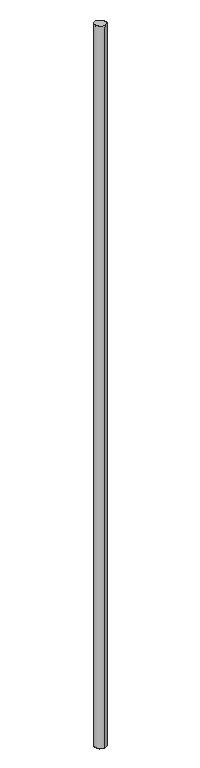
Revit family "M_Barras redondas-coluna", category Pilares estruturais, Revit 2019
Family settings
  Forma do corte = Barra redonda
  Material para o comportamento do modelo = Aço
  Exportar sempre como geometria = Não
  Redução da viga na planta = Da geometria
  Family Name Key = M_Round Bars-Column
  Número OmniClass = 23.25.30.11.14.11
  Título OmniClass = Columns
  ID de item do Seek = M_Round Bar-Column-0000-USA-ENU
  Corte com vazios quando carregada = Não
  Representação simbólica = Das configurações de projeto
  Compartilhado = Não
  Exibir o pré-corte da família na vista da planta = Sim
Parameters (values of type "RB38.1")
  Torsional Moment of Inertia = 0 cm⁴
  Torsional Modulus = 0.0 mm³
  Structural Material [instance] = Aço ASTM A36
  Chave do nome do corte = "RB 1 1/2"
  Section Area = 1140.1 mm²
  Plastic Modulus weak axis = 9218.0 mm³
  Plastic Modulus strong axis = 9218.0 mm³
  Perimeter = 0.3937 (stored number, unit not read)
  Nominal Weight = 0 N/m
  Moment of Inertia weak axis = 10.344 cm⁴
  Moment of Inertia strong axis = 10.344 cm⁴
  Elastic Modulus weak axis = 5430.0 mm³
  Elastic Modulus strong axis = 5430.0 mm³
  Diameter = 38.10 mm
  Centroid Vertical = Diameter / 2  # 19.05 mm
  Centroid Horizontal = Diameter / 2  # 19.05 mm
  Código de montagem = "B10"
Reference planes
  plane 1 "Centro (Frente/Trás)": y = 0
  plane 2: z = 0
  plane 3 "Centro (Esquerda/Direita)": x = 0
  plane 4: x = -19.05
  plane 5: x = 19.05
  plane 6: y = 19.05
  plane 7: y = -19.05
Forms (mm)
  Extrusion 1, solid, material "Aço ASTM A36" <- "Structural Material", detail levels medium+fine
    sketch origin (0, 0, 0) x (1, 0, 0) y (0, 1, 0)
      loop
        circle (0, 0) r 19.05
    from 0 to 2500
Lines and regions (mm)
  symbolic lines, style "StructuralColumnStickSymbols", detail levels coarse
    curve 1: arc (-19.05, 0, 0) -> (0, -19.05, 0) -> (19.05, 0, 0) r 19.05
    curve 2: arc (19.05, 0, 0) -> (0, 19.05, 0) -> (-19.05, 0, 0) r 19.05
Dimensions and locks
  equal spacing: plane 4, plane 3 "Centro (Esquerda/Direita)", plane 5
  equal spacing: plane 7, plane 1 "Centro (Frente/Trás)", plane 6
  "Diameter": plane 7 to plane 6
  "Diameter": plane 4 to plane 5
  "Diameter": diameter of Extrusion 1 sketch curve
  aligned and locked: level to plane 2
  aligned and locked: plane 3 "Centro (Esquerda/Direita)" to Extrusion 1 sketch curve
  aligned and locked: plane 1 "Centro (Frente/Trás)" to Extrusion 1 sketch curve
  aligned and locked: level to Extrusion 1
  aligned and locked: Extrusion 1 to plane 2
Automatic sketch dimensions
  plane 1 "Centro (Frente/Trás)" to curve 1 = 0.00 mm  (x2)
  curve 1 to plane 4 = 0.00 mm
  plane 1 "Centro (Frente/Trás)" to curve 2 = 0.00 mm
  curve 2 to plane 3 "Centro (Esquerda/Direita)" = 0.00 mm
Types in the file's own list only (191): name | Momento de inércia de torção | Módulo de torção | Chave do nome do corte | Área de corte | Eixo fraco do módulo plástico | Eixo forte do módulo plástico | Perímetro | Peso nominal | Eixo fraco do momento de inércia | Eixo forte do momento de inércia | Eixo fraco do módulo de elasticidade | Eixo forte do módulo de elasticidade | Diâmetro | Centróide vertical | Centróide horizontal
  RB25.4 | 0.00 mm4 | 0.0 mm³ | "RB 1" | 506.7 mm² | 2731.0 mm³ | 2731.0 mm³ | 0.08 m²/m | 0.00 kgf/m | 20432.00 mm4 | 20432.00 mm4 | 1609.0 mm³ | 1609.0 mm³ | 25.4 mm | 12.7 mm | 12.7 mm
  RB26.99 | 0.00 mm4 | 0.0 mm³ | "RB 1 1/16" | 572.0 mm² | 3276.0 mm³ | 3276.0 mm³ | 0.08 m²/m | 0.00 kgf/m | 26039.00 mm4 | 26039.00 mm4 | 1930.0 mm³ | 1930.0 mm³ | 27.0 mm | 13.5 mm | 13.5 mm
  RB31.75 | 0.00 mm4 | 0.0 mm³ | "RB 1 1/4" | 791.7 mm² | 5334.0 mm³ | 5334.0 mm³ | 0.10 m²/m | 0.00 kgf/m | 49882.00 mm4 | 49882.00 mm4 | 3142.0 mm³ | 3142.0 mm³ | 31.8 mm | 15.9 mm | 15.9 mm
  RB28.58 | 0.00 mm4 | 0.0 mm³ | "RB 1 1/8" | 641.3 mm² | 3889.0 mm³ | 3889.0 mm³ | 0.09 m²/m | 0.00 kgf/m | 32728.00 mm4 | 32728.00 mm4 | 2291.0 mm³ | 2291.0 mm³ | 28.6 mm | 14.3 mm | 14.3 mm
  RB42.86 | 0.00 mm4 | 0.0 mm³ | "RB 1 11/16" | 1442.9 mm² | 13124.0 mm³ | 13124.0 mm³ | 0.13 m²/m | 0.00 kgf/m | 165684.00 mm4 | 165684.00 mm4 | 7731.0 mm³ | 7731.0 mm³ | 42.9 mm | 21.4 mm | 21.4 mm
  RB46.04 | 0.00 mm4 | 0.0 mm³ | "RB 1 13/16" | 1664.6 mm² | 16262.0 mm³ | 16262.0 mm³ | 0.14 m²/m | 0.00 kgf/m | 220504.00 mm4 | 220504.00 mm4 | 9579.0 mm³ | 9579.0 mm³ | 46.0 mm | 23.0 mm | 23.0 mm
  RB49.21 | 0.00 mm4 | 0.0 mm³ | "RB 1 15/16" | 1902.1 mm² | 19864.0 mm³ | 19864.0 mm³ | 0.15 m²/m | 0.00 kgf/m | 287920.00 mm4 | 287920.00 mm4 | 11701.0 mm³ | 11701.0 mm³ | 49.2 mm | 24.6 mm | 24.6 mm
  RB30.16 | 0.00 mm4 | 0.0 mm³ | "RB 1 3/16" | 714.5 mm² | 4574.0 mm³ | 4574.0 mm³ | 0.09 m²/m | 0.00 kgf/m | 40629.00 mm4 | 40629.00 mm4 | 2694.0 mm³ | 2694.0 mm³ | 30.2 mm | 15.1 mm | 15.1 mm
  RB44.45 | 0.00 mm4 | 0.0 mm³ | "RB 1 3/4" | 1551.8 mm² | 14637.0 mm³ | 14637.0 mm³ | 0.14 m²/m | 0.00 kgf/m | 191627.00 mm4 | 191627.00 mm4 | 8622.0 mm³ | 8622.0 mm³ | 44.5 mm | 22.2 mm | 22.2 mm
  RB34.93 | 0.00 mm4 | 0.0 mm³ | "RB 1 3/8" | 958.0 mm² | 7100.0 mm³ | 7100.0 mm³ | 0.11 m²/m | 0.00 kgf/m | 73032.00 mm4 | 73032.00 mm4 | 4182.0 mm³ | 4182.0 mm³ | 34.9 mm | 17.5 mm | 17.5 mm
  RB33.34 | 0.00 mm4 | 0.0 mm³ | "RB 1 5/16" | 872.9 mm² | 6175.0 mm³ | 6175.0 mm³ | 0.10 m²/m | 0.00 kgf/m | 60632.00 mm4 | 60632.00 mm4 | 3637.0 mm³ | 3637.0 mm³ | 33.3 mm | 16.7 mm | 16.7 mm
  RB41.28 | 0.00 mm4 | 0.0 mm³ | "RB 1 5/8" | 1338.0 mm² | 11720.0 mm³ | 11720.0 mm³ | 0.13 m²/m | 0.00 kgf/m | 142468.00 mm4 | 142468.00 mm4 | 6903.0 mm³ | 6903.0 mm³ | 41.3 mm | 20.6 mm | 20.6 mm
  RB36.51 | 0.00 mm4 | 0.0 mm³ | "RB 1 7/16" | 1047.1 mm² | 8113.0 mm³ | 8113.0 mm³ | 0.11 m²/m | 0.00 kgf/m | 87244.00 mm4 | 87244.00 mm4 | 4779.0 mm³ | 4779.0 mm³ | 36.5 mm | 18.3 mm | 18.3 mm
  RB47.63 | 0.00 mm4 | 0.0 mm³ | "RB 1 7/8" | 1781.4 mm² | 18003.0 mm³ | 18003.0 mm³ | 0.15 m²/m | 0.00 kgf/m | 252528.00 mm4 | 252528.00 mm4 | 10605.0 mm³ | 10605.0 mm³ | 47.6 mm | 23.8 mm | 23.8 mm
  RB39.69 | 0.00 mm4 | 0.0 mm³ | "RB 1 9/16" | 1237.1 mm² | 10419.0 mm³ | 10419.0 mm³ | 0.12 m²/m | 0.00 kgf/m | 121782.00 mm4 | 121782.00 mm4 | 6137.0 mm³ | 6137.0 mm³ | 39.7 mm | 19.8 mm | 19.8 mm
  RB1.59 | 0.00 mm4 | 0.0 mm³ | "RB 1/16" | 2.0 mm² | 0.7 mm³ | 0.7 mm³ | 0.01 m²/m | 0.00 kgf/m | 0.30 mm4 | 0.30 mm4 | 0.4 mm³ | 0.4 mm³ | 1.6 mm | 0.8 mm | 0.8 mm
  RB12.7 | 0.00 mm4 | 0.0 mm³ | "RB 1/2" | 126.7 mm² | 341.0 mm³ | 341.0 mm³ | 0.04 m²/m | 0.00 kgf/m | 1277.00 mm4 | 1277.00 mm4 | 201.0 mm³ | 201.0 mm³ | 12.7 mm | 6.4 mm | 6.4 mm
  RB6.35 | 0.00 mm4 | 0.0 mm³ | "RB 1/4" | 31.7 mm² | 43.0 mm³ | 43.0 mm³ | 0.02 m²/m | 0.00 kgf/m | 80.00 mm4 | 80.00 mm4 | 25.0 mm³ | 25.0 mm³ | 6.4 mm | 3.2 mm | 3.2 mm
  RB3.18 | 0.00 mm4 | 0.0 mm³ | "RB 1/8" | 7.9 mm² | 5.0 mm³ | 5.0 mm³ | 0.01 m²/m | 0.00 kgf/m | 5.00 mm4 | 5.00 mm4 | 3.0 mm³ | 3.0 mm³ | 3.2 mm | 1.6 mm | 1.6 mm
  RB254 | 0.00 mm4 | 0.0 mm³ | "RB 10" | 50670.7 mm² | 2731177.0 mm³ | 2731177.0 mm³ | 0.80 m²/m | 0.00 kgf/m | 204317123.00 mm4 | 204317123.00 mm4 | 1608796.0 mm³ | 1608796.0 mm³ | 254.0 mm | 127.0 mm | 127.0 mm
  RB255.59 | 0.00 mm4 | 0.0 mm³ | "RB 10 1/16" | 51306.1 mm² | 2782708.0 mm³ | 2782708.0 mm³ | 0.80 m²/m | 0.00 kgf/m | 209473138.00 mm4 | 209473138.00 mm4 | 1639150.0 mm³ | 1639150.0 mm³ | 255.6 mm | 127.8 mm | 127.8 mm
  RB266.7 | 0.00 mm4 | 0.0 mm³ | "RB 10 1/2" | 55864.5 mm² | 3161679.0 mm³ | 3161679.0 mm³ | 0.84 m²/m | 0.00 kgf/m | 248348740.00 mm4 | 248348740.00 mm4 | 1862383.0 mm³ | 1862383.0 mm³ | 266.7 mm | 133.4 mm | 133.4 mm
  RB260.35 | 0.00 mm4 | 0.0 mm³ | "RB 10 1/4" | 53236.0 mm² | 2941179.0 mm³ | 2941179.0 mm³ | 0.82 m²/m | 0.00 kgf/m | 225527874.00 mm4 | 225527874.00 mm4 | 1732498.0 mm³ | 1732498.0 mm³ | 260.4 mm | 130.2 mm | 130.2 mm
  RB257.18 | 0.00 mm4 | 0.0 mm³ | "RB 10 1/8" | 51945.4 mm² | 2834882.0 mm³ | 2834882.0 mm³ | 0.81 m²/m | 0.00 kgf/m | 214726128.00 mm4 | 214726128.00 mm4 | 1669883.0 mm³ | 1669883.0 mm³ | 257.2 mm | 128.6 mm | 128.6 mm
  RB271.46 | 0.00 mm4 | 0.0 mm³ | "RB 10 11/16" | 57877.5 mm² | 3334097.0 mm³ | 3334097.0 mm³ | 0.85 m²/m | 0.00 kgf/m | 266568775.00 mm4 | 266568775.00 mm4 | 1963945.0 mm³ | 1963945.0 mm³ | 271.5 mm | 135.7 mm | 135.7 mm
  RB274.64 | 0.00 mm4 | 0.0 mm³ | "RB 10 13/16" | 59239.3 mm² | 3452457.0 mm³ | 3452457.0 mm³ | 0.86 m²/m | 0.00 kgf/m | 279260330.00 mm4 | 279260330.00 mm4 | 2033665.0 mm³ | 2033665.0 mm³ | 274.6 mm | 137.3 mm | 137.3 mm
  RB277.81 | 0.00 mm4 | 0.0 mm³ | "RB 10 15/16" | 60616.9 mm² | 3573585.0 mm³ | 3573585.0 mm³ | 0.87 m²/m | 0.00 kgf/m | 292399772.00 mm4 | 292399772.00 mm4 | 2105015.0 mm³ | 2105015.0 mm³ | 277.8 mm | 138.9 mm | 138.9 mm
  RB258.76 | 0.00 mm4 | 0.0 mm³ | "RB 10 3/16" | 52588.7 mm² | 2887705.0 mm³ | 2887705.0 mm³ | 0.81 m²/m | 0.00 kgf/m | 220077301.00 mm4 | 220077301.00 mm4 | 1700998.0 mm³ | 1700998.0 mm³ | 258.8 mm | 129.4 mm | 129.4 mm
  RB273.05 | 0.00 mm4 | 0.0 mm³ | "RB 10 3/4" | 58556.4 mm² | 3392933.0 mm³ | 3392933.0 mm³ | 0.86 m²/m | 0.00 kgf/m | 272859213.00 mm4 | 272859213.00 mm4 | 1998603.0 mm³ | 1998603.0 mm³ | 273.1 mm | 136.5 mm | 136.5 mm
  RB263.53 | 0.00 mm4 | 0.0 mm³ | "RB 10 3/8" | 54542.3 mm² | 3050101.0 mm³ | 3050101.0 mm³ | 0.83 m²/m | 0.00 kgf/m | 236732120.00 mm4 | 236732120.00 mm4 | 1796658.0 mm³ | 1796658.0 mm³ | 263.5 mm | 131.8 mm | 131.8 mm
  RB261.94 | 0.00 mm4 | 0.0 mm³ | "RB 10 5/16" | 53887.2 mm² | 2995310.0 mm³ | 2995310.0 mm³ | 0.82 m²/m | 0.00 kgf/m | 231079070.00 mm4 | 231079070.00 mm4 | 1764383.0 mm³ | 1764383.0 mm³ | 261.9 mm | 131.0 mm | 131.0 mm
  RB269.88 | 0.00 mm4 | 0.0 mm³ | "RB 10 5/8" | 57202.5 mm² | 3275946.0 mm³ | 3275946.0 mm³ | 0.85 m²/m | 0.00 kgf/m | 260387733.00 mm4 | 260387733.00 mm4 | 1929691.0 mm³ | 1929691.0 mm³ | 269.9 mm | 134.9 mm | 134.9 mm
  RB265.11 | 0.00 mm4 | 0.0 mm³ | "RB 10 7/16" | 55201.4 mm² | 3105556.0 mm³ | 3105556.0 mm³ | 0.83 m²/m | 0.00 kgf/m | 242488261.00 mm4 | 242488261.00 mm4 | 1829323.0 mm³ | 1829323.0 mm³ | 265.1 mm | 132.6 mm | 132.6 mm
  RB276.23 | 0.00 mm4 | 0.0 mm³ | "RB 10 7/8" | 59926.1 mm² | 3512673.0 mm³ | 3512673.0 mm³ | 0.87 m²/m | 0.00 kgf/m | 285773417.00 mm4 | 285773417.00 mm4 | 2069135.0 mm³ | 2069135.0 mm³ | 276.2 mm | 138.1 mm | 138.1 mm
  RB268.29 | 0.00 mm4 | 0.0 mm³ | "RB 10 9/16" | 56531.5 mm² | 3218474.0 mm³ | 3218474.0 mm³ | 0.84 m²/m | 0.00 kgf/m | 254314811.00 mm4 | 254314811.00 mm4 | 1895838.0 mm³ | 1895838.0 mm³ | 268.3 mm | 134.1 mm | 134.1 mm
  RB279.4 | 0.00 mm4 | 0.0 mm³ | "RB 11" | 61311.6 mm² | 3635197.0 mm³ | 3635197.0 mm³ | 0.88 m²/m | 0.00 kgf/m | 299140700.00 mm4 | 299140700.00 mm4 | 2141308.0 mm³ | 2141308.0 mm³ | 279.4 mm | 139.7 mm | 139.7 mm
  RB280.99 | 0.00 mm4 | 0.0 mm³ | "RB 11 1/16" | 62010.3 mm² | 3697513.0 mm³ | 3697513.0 mm³ | 0.88 m²/m | 0.00 kgf/m | 305997515.00 mm4 | 305997515.00 mm4 | 2178015.0 mm³ | 2178015.0 mm³ | 281.0 mm | 140.5 mm | 140.5 mm
  RB292.1 | 0.00 mm4 | 0.0 mm³ | "RB 11 1/2" | 67012.1 mm² | 4153779.0 mm³ | 4153779.0 mm³ | 0.92 m²/m | 0.00 kgf/m | 357351926.00 mm4 | 357351926.00 mm4 | 2446778.0 mm³ | 2446778.0 mm³ | 292.1 mm | 146.1 mm | 146.1 mm
  RB285.75 | 0.00 mm4 | 0.0 mm³ | "RB 11 1/4" | 64130.2 mm² | 3888727.0 mm³ | 3888727.0 mm³ | 0.90 m²/m | 0.00 kgf/m | 327276525.00 mm4 | 327276525.00 mm4 | 2290649.0 mm³ | 2290649.0 mm³ | 285.8 mm | 142.9 mm | 142.9 mm
  RB282.58 | 0.00 mm4 | 0.0 mm³ | "RB 11 1/8" | 62713.0 mm² | 3760538.0 mm³ | 3760538.0 mm³ | 0.89 m²/m | 0.00 kgf/m | 312971538.00 mm4 | 312971538.00 mm4 | 2215140.0 mm³ | 2215140.0 mm³ | 282.6 mm | 141.3 mm | 141.3 mm
  RB296.86 | 0.00 mm4 | 0.0 mm³ | "RB 11 11/16" | 69215.1 mm² | 4360284.0 mm³ | 4360284.0 mm³ | 0.93 m²/m | 0.00 kgf/m | 381233679.00 mm4 | 381233679.00 mm4 | 2568419.0 mm³ | 2568419.0 mm³ | 296.9 mm | 148.4 mm | 148.4 mm
  RB300.04 | 0.00 mm4 | 0.0 mm³ | "RB 11 13/16" | 70703.5 mm² | 4501688.0 mm³ | 4501688.0 mm³ | 0.94 m²/m | 0.00 kgf/m | 397806661.00 mm4 | 397806661.00 mm4 | 2651713.0 mm³ | 2651713.0 mm³ | 300.0 mm | 150.0 mm | 150.0 mm
  RB303.21 | 0.00 mm4 | 0.0 mm³ | "RB 11 15/16" | 72207.8 mm² | 4646116.0 mm³ | 4646116.0 mm³ | 0.95 m²/m | 0.00 kgf/m | 414914205.00 mm4 | 414914205.00 mm4 | 2736788.0 mm³ | 2736788.0 mm³ | 303.2 mm | 151.6 mm | 151.6 mm
  RB284.16 | 0.00 mm4 | 0.0 mm³ | "RB 11 3/16" | 63419.6 mm² | 3824274.0 mm³ | 3824274.0 mm³ | 0.89 m²/m | 0.00 kgf/m | 320064096.00 mm4 | 320064096.00 mm4 | 2252684.0 mm³ | 2252684.0 mm³ | 284.2 mm | 142.1 mm | 142.1 mm
  RB298.45 | 0.00 mm4 | 0.0 mm³ | "RB 11 3/4" | 69957.3 mm² | 4430610.0 mm³ | 4430610.0 mm³ | 0.94 m²/m | 0.00 kgf/m | 389454056.00 mm4 | 389454056.00 mm4 | 2609845.0 mm³ | 2609845.0 mm³ | 298.5 mm | 149.2 mm | 149.2 mm
  RB288.93 | 0.00 mm4 | 0.0 mm³ | "RB 11 3/8" | 65563.2 mm² | 4019797.0 mm³ | 4019797.0 mm³ | 0.91 m²/m | 0.00 kgf/m | 342066376.00 mm4 | 342066376.00 mm4 | 2367856.0 mm³ | 2367856.0 mm³ | 288.9 mm | 144.5 mm | 144.5 mm
  RB287.34 | 0.00 mm4 | 0.0 mm³ | "RB 11 5/16" | 64844.7 mm² | 3953900.0 mm³ | 3953900.0 mm³ | 0.90 m²/m | 0.00 kgf/m | 334610168.00 mm4 | 334610168.00 mm4 | 2329039.0 mm³ | 2329039.0 mm³ | 287.3 mm | 143.7 mm | 143.7 mm
  RB295.28 | 0.00 mm4 | 0.0 mm³ | "RB 11 5/8" | 68476.8 mm² | 4290706.0 mm³ | 4290706.0 mm³ | 0.93 m²/m | 0.00 kgf/m | 373144128.00 mm4 | 373144128.00 mm4 | 2527435.0 mm³ | 2527435.0 mm³ | 295.3 mm | 147.6 mm | 147.6 mm
  RB290.51 | 0.00 mm4 | 0.0 mm³ | "RB 11 7/16" | 66285.7 mm² | 4086422.0 mm³ | 4086422.0 mm³ | 0.91 m²/m | 0.00 kgf/m | 349646507.00 mm4 | 349646507.00 mm4 | 2407101.0 mm³ | 2407101.0 mm³ | 290.5 mm | 145.3 mm | 145.3 mm
  RB301.63 | 0.00 mm4 | 0.0 mm³ | "RB 11 7/8" | 71453.7 mm² | 4573522.0 mm³ | 4573522.0 mm³ | 0.95 m²/m | 0.00 kgf/m | 406292905.00 mm4 | 406292905.00 mm4 | 2694027.0 mm³ | 2694027.0 mm³ | 301.6 mm | 150.8 mm | 150.8 mm
  RB293.69 | 0.00 mm4 | 0.0 mm³ | "RB 11 9/16" | 67742.4 mm² | 4221873.0 mm³ | 4221873.0 mm³ | 0.92 m²/m | 0.00 kgf/m | 365184006.00 mm4 | 365184006.00 mm4 | 2486888.0 mm³ | 2486888.0 mm³ | 293.7 mm | 146.8 mm | 146.8 mm
  RB17.46 | 0.00 mm4 | 0.0 mm³ | "RB 11/16" | 239.5 mm² | 887.0 mm³ | 887.0 mm³ | 0.05 m²/m | 0.00 kgf/m | 4565.00 mm4 | 4565.00 mm4 | 523.0 mm³ | 523.0 mm³ | 17.5 mm | 8.7 mm | 8.7 mm
  RB304.8 | 0.00 mm4 | 0.0 mm³ | "RB 12" | 72965.9 mm² | 4719474.0 mm³ | 4719474.0 mm³ | 0.96 m²/m | 0.00 kgf/m | 423671987.00 mm4 | 423671987.00 mm4 | 2780000.0 mm³ | 2780000.0 mm³ | 304.8 mm | 152.4 mm | 152.4 mm
  RB20.64 | 0.00 mm4 | 0.0 mm³ | "RB 13/16" | 334.5 mm² | 1465.0 mm³ | 1465.0 mm³ | 0.06 m²/m | 0.00 kgf/m | 8904.00 mm4 | 8904.00 mm4 | 863.0 mm³ | 863.0 mm³ | 20.6 mm | 10.3 mm | 10.3 mm
  RB23.81 | 0.00 mm4 | 0.0 mm³ | "RB 15/16" | 445.3 mm² | 2250.0 mm³ | 2250.0 mm³ | 0.07 m²/m | 0.00 kgf/m | 15783.00 mm4 | 15783.00 mm4 | 1326.0 mm³ | 1326.0 mm³ | 23.8 mm | 11.9 mm | 11.9 mm
  RB50.8 | 0.00 mm4 | 0.0 mm³ | "RB 2" | 2026.8 mm² | 21849.0 mm³ | 21849.0 mm³ | 0.16 m²/m | 0.00 kgf/m | 326907.00 mm4 | 326907.00 mm4 | 12870.0 mm³ | 12870.0 mm³ | 50.8 mm | 25.4 mm | 25.4 mm
  RB52.39 | 0.00 mm4 | 0.0 mm³ | "RB 2 1/16" | 2155.5 mm² | 23962.0 mm³ | 23962.0 mm³ | 0.16 m²/m | 0.00 kgf/m | 369727.00 mm4 | 369727.00 mm4 | 14115.0 mm³ | 14115.0 mm³ | 52.4 mm | 26.2 mm | 26.2 mm
  RB63.5 | 0.00 mm4 | 0.0 mm³ | "RB 2 1/2" | 3166.9 mm² | 42675.0 mm³ | 42675.0 mm³ | 0.20 m²/m | 0.00 kgf/m | 798114.00 mm4 | 798114.00 mm4 | 25137.0 mm³ | 25137.0 mm³ | 63.5 mm | 31.8 mm | 31.8 mm
  RB57.15 | 0.00 mm4 | 0.0 mm³ | "RB 2 1/4" | 2565.2 mm² | 31110.0 mm³ | 31110.0 mm³ | 0.18 m²/m | 0.00 kgf/m | 523642.00 mm4 | 523642.00 mm4 | 18325.0 mm³ | 18325.0 mm³ | 57.2 mm | 28.6 mm | 28.6 mm
  RB53.98 | 0.00 mm4 | 0.0 mm³ | "RB 2 1/8" | 2288.1 mm² | 26208.0 mm³ | 26208.0 mm³ | 0.17 m²/m | 0.00 kgf/m | 416620.00 mm4 | 416620.00 mm4 | 15438.0 mm³ | 15438.0 mm³ | 54.0 mm | 27.0 mm | 27.0 mm
  RB68.26 | 0.00 mm4 | 0.0 mm³ | "RB 2 11/16" | 3659.8 mm² | 53015.0 mm³ | 53015.0 mm³ | 0.21 m²/m | 0.00 kgf/m | 1065856.00 mm4 | 1065856.00 mm4 | 31228.0 mm³ | 31228.0 mm³ | 68.3 mm | 34.1 mm | 34.1 mm
  RB71.44 | 0.00 mm4 | 0.0 mm³ | "RB 2 13/16" | 4008.1 mm² | 60761.0 mm³ | 60761.0 mm³ | 0.22 m²/m | 0.00 kgf/m | 1278424.00 mm4 | 1278424.00 mm4 | 35791.0 mm³ | 35791.0 mm³ | 71.4 mm | 35.7 mm | 35.7 mm
  RB74.61 | 0.00 mm4 | 0.0 mm³ | "RB 2 15/16" | 4372.3 mm² | 69228.0 mm³ | 69228.0 mm³ | 0.23 m²/m | 0.00 kgf/m | 1521305.00 mm4 | 1521305.00 mm4 | 40779.0 mm³ | 40779.0 mm³ | 74.6 mm | 37.3 mm | 37.3 mm
  RB55.56 | 0.00 mm4 | 0.0 mm³ | "RB 2 3/16" | 2424.7 mm² | 28589.0 mm³ | 28589.0 mm³ | 0.17 m²/m | 0.00 kgf/m | 467840.00 mm4 | 467840.00 mm4 | 16840.0 mm³ | 16840.0 mm³ | 55.6 mm | 27.8 mm | 27.8 mm
  RB69.85 | 0.00 mm4 | 0.0 mm³ | "RB 2 3/4" | 3832.0 mm² | 56800.0 mm³ | 56800.0 mm³ | 0.22 m²/m | 0.00 kgf/m | 1168518.00 mm4 | 1168518.00 mm4 | 33458.0 mm³ | 33458.0 mm³ | 69.9 mm | 34.9 mm | 34.9 mm
  RB60.33 | 0.00 mm4 | 0.0 mm³ | "RB 2 3/8" | 2858.1 mm² | 36588.0 mm³ | 36588.0 mm³ | 0.19 m²/m | 0.00 kgf/m | 650069.00 mm4 | 650069.00 mm4 | 21552.0 mm³ | 21552.0 mm³ | 60.3 mm | 30.2 mm | 30.2 mm
  RB58.74 | 0.00 mm4 | 0.0 mm³ | "RB 2 5/16" | 2709.7 mm² | 33775.0 mm³ | 33775.0 mm³ | 0.18 m²/m | 0.00 kgf/m | 584294.00 mm4 | 584294.00 mm4 | 19895.0 mm³ | 19895.0 mm³ | 58.7 mm | 29.4 mm | 29.4 mm
  RB66.68 | 0.00 mm4 | 0.0 mm³ | "RB 2 5/8" | 3491.5 mm² | 49401.0 mm³ | 49401.0 mm³ | 0.21 m²/m | 0.00 kgf/m | 970112.00 mm4 | 970112.00 mm4 | 29100.0 mm³ | 29100.0 mm³ | 66.7 mm | 33.3 mm | 33.3 mm
  RB61.91 | 0.00 mm4 | 0.0 mm³ | "RB 2 7/16" | 3010.6 mm² | 39553.0 mm³ | 39553.0 mm³ | 0.19 m²/m | 0.00 kgf/m | 721246.00 mm4 | 721246.00 mm4 | 23299.0 mm³ | 23299.0 mm³ | 61.9 mm | 31.0 mm | 31.0 mm
  RB73.03 | 0.00 mm4 | 0.0 mm³ | "RB 2 7/8" | 4188.3 mm² | 64903.0 mm³ | 64903.0 mm³ | 0.23 m²/m | 0.00 kgf/m | 1395906.00 mm4 | 1395906.00 mm4 | 38231.0 mm³ | 38231.0 mm³ | 73.0 mm | 36.5 mm | 36.5 mm
  RB65.09 | 0.00 mm4 | 0.0 mm³ | "RB 2 9/16" | 3327.2 mm² | 45956.0 mm³ | 45956.0 mm³ | 0.20 m²/m | 0.00 kgf/m | 880968.00 mm4 | 880968.00 mm4 | 27070.0 mm³ | 27070.0 mm³ | 65.1 mm | 32.5 mm | 32.5 mm
  RB76.2 | 0.00 mm4 | 0.0 mm³ | "RB 3" | 4560.4 mm² | 73742.0 mm³ | 73742.0 mm³ | 0.24 m²/m | 0.00 kgf/m | 1654969.00 mm4 | 1654969.00 mm4 | 43437.0 mm³ | 43437.0 mm³ | 76.2 mm | 38.1 mm | 38.1 mm
  RB77.79 | 0.00 mm4 | 0.0 mm³ | "RB 3 1/16" | 4752.4 mm² | 78447.0 mm³ | 78447.0 mm³ | 0.24 m²/m | 0.00 kgf/m | 1797253.00 mm4 | 1797253.00 mm4 | 46209.0 mm³ | 46209.0 mm³ | 77.8 mm | 38.9 mm | 38.9 mm
  RB88.9 | 0.00 mm4 | 0.0 mm³ | "RB 3 1/2" | 6207.2 mm² | 117099.0 mm³ | 117099.0 mm³ | 0.28 m²/m | 0.00 kgf/m | 3066034.00 mm4 | 3066034.00 mm4 | 68977.0 mm³ | 68977.0 mm³ | 88.9 mm | 44.5 mm | 44.5 mm
  RB82.55 | 0.00 mm4 | 0.0 mm³ | "RB 3 1/4" | 5352.1 mm² | 93756.0 mm³ | 93756.0 mm³ | 0.26 m²/m | 0.00 kgf/m | 2279493.00 mm4 | 2279493.00 mm4 | 55227.0 mm³ | 55227.0 mm³ | 82.6 mm | 41.3 mm | 41.3 mm
  RB79.38 | 0.00 mm4 | 0.0 mm³ | "RB 3 1/8" | 4948.3 mm² | 83349.0 mm³ | 83349.0 mm³ | 0.25 m²/m | 0.00 kgf/m | 1948520.00 mm4 | 1948520.00 mm4 | 49097.0 mm³ | 49097.0 mm³ | 79.4 mm | 39.7 mm | 39.7 mm
  RB93.66 | 0.00 mm4 | 0.0 mm³ | "RB 3 11/16" | 6890.0 mm² | 136945.0 mm³ | 136945.0 mm³ | 0.29 m²/m | 0.00 kgf/m | 3777747.00 mm4 | 3777747.00 mm4 | 80667.0 mm³ | 80667.0 mm³ | 93.7 mm | 46.8 mm | 46.8 mm
  RB96.84 | 0.00 mm4 | 0.0 mm³ | "RB 3 13/16" | 7365.1 mm² | 151349.0 mm³ | 151349.0 mm³ | 0.30 m²/m | 0.00 kgf/m | 4316624.00 mm4 | 4316624.00 mm4 | 89152.0 mm³ | 89152.0 mm³ | 96.8 mm | 48.4 mm | 48.4 mm
  RB100.01 | 0.00 mm4 | 0.0 mm³ | "RB 3 15/16" | 7855.9 mm² | 166729.0 mm³ | 166729.0 mm³ | 0.31 m²/m | 0.00 kgf/m | 4911193.00 mm4 | 4911193.00 mm4 | 98212.0 mm³ | 98212.0 mm³ | 100.0 mm | 50.0 mm | 50.0 mm
  RB80.96 | 0.00 mm4 | 0.0 mm³ | "RB 3 3/16" | 5148.2 mm² | 88451.0 mm³ | 88451.0 mm³ | 0.25 m²/m | 0.00 kgf/m | 2109141.00 mm4 | 2109141.00 mm4 | 52102.0 mm³ | 52102.0 mm³ | 81.0 mm | 40.5 mm | 40.5 mm
  RB95.25 | 0.00 mm4 | 0.0 mm³ | "RB 3 3/4" | 7125.6 mm² | 144027.0 mm³ | 144027.0 mm³ | 0.30 m²/m | 0.00 kgf/m | 4040451.00 mm4 | 4040451.00 mm4 | 84839.0 mm³ | 84839.0 mm³ | 95.3 mm | 47.6 mm | 47.6 mm
  RB85.73 | 0.00 mm4 | 0.0 mm³ | "RB 3 3/8" | 5771.7 mm² | 104996.0 mm³ | 104996.0 mm³ | 0.27 m²/m | 0.00 kgf/m | 2650940.00 mm4 | 2650940.00 mm4 | 61848.0 mm³ | 61848.0 mm³ | 85.7 mm | 42.9 mm | 42.9 mm
  RB84.14 | 0.00 mm4 | 0.0 mm³ | "RB 3 5/16" | 5559.9 mm² | 99270.0 mm³ | 99270.0 mm³ | 0.26 m²/m | 0.00 kgf/m | 2459962.00 mm4 | 2459962.00 mm4 | 58475.0 mm³ | 58475.0 mm³ | 84.1 mm | 42.1 mm | 42.1 mm
  RB92.08 | 0.00 mm4 | 0.0 mm³ | "RB 3 5/8" | 6658.5 mm² | 130099.0 mm³ | 130099.0 mm³ | 0.29 m²/m | 0.00 kgf/m | 3528067.00 mm4 | 3528067.00 mm4 | 76635.0 mm³ | 76635.0 mm³ | 92.1 mm | 46.0 mm | 46.0 mm
  RB87.31 | 0.00 mm4 | 0.0 mm³ | "RB 3 7/16" | 5987.5 mm² | 110937.0 mm³ | 110937.0 mm³ | 0.27 m²/m | 0.00 kgf/m | 2852828.00 mm4 | 2852828.00 mm4 | 65348.0 mm³ | 65348.0 mm³ | 87.3 mm | 43.7 mm | 43.7 mm
  RB98.43 | 0.00 mm4 | 0.0 mm³ | "RB 3 7/8" | 7608.5 mm² | 158915.0 mm³ | 158915.0 mm³ | 0.31 m²/m | 0.00 kgf/m | 4606718.00 mm4 | 4606718.00 mm4 | 93609.0 mm³ | 93609.0 mm³ | 98.4 mm | 49.2 mm | 49.2 mm
  RB90.49 | 0.00 mm4 | 0.0 mm³ | "RB 3 9/16" | 6430.8 mm² | 123485.0 mm³ | 123485.0 mm³ | 0.28 m²/m | 0.00 kgf/m | 3290973.00 mm4 | 3290973.00 mm4 | 72739.0 mm³ | 72739.0 mm³ | 90.5 mm | 45.2 mm | 45.2 mm
  RB4.76 | 0.00 mm4 | 0.0 mm³ | "RB 3/16" | 17.8 mm² | 18.0 mm³ | 18.0 mm³ | 0.02 m²/m | 0.00 kgf/m | 25.00 mm4 | 25.00 mm4 | 11.0 mm³ | 11.0 mm³ | 4.8 mm | 2.4 mm | 2.4 mm
  RB19.05 | 0.00 mm4 | 0.0 mm³ | "RB 3/4" | 285.0 mm² | 1152.0 mm³ | 1152.0 mm³ | 0.06 m²/m | 0.00 kgf/m | 6465.00 mm4 | 6465.00 mm4 | 679.0 mm³ | 679.0 mm³ | 19.1 mm | 9.5 mm | 9.5 mm
  RB9.53 | 0.00 mm4 | 0.0 mm³ | "RB 3/8" | 71.3 mm² | 144.0 mm³ | 144.0 mm³ | 0.03 m²/m | 0.00 kgf/m | 404.00 mm4 | 404.00 mm4 | 85.0 mm³ | 85.0 mm³ | 9.5 mm | 4.8 mm | 4.8 mm
  RB101.6 | 0.00 mm4 | 0.0 mm³ | "RB 4" | 8107.3 mm² | 174795.0 mm³ | 174795.0 mm³ | 0.32 m²/m | 0.00 kgf/m | 5230518.00 mm4 | 5230518.00 mm4 | 102963.0 mm³ | 102963.0 mm³ | 101.6 mm | 50.8 mm | 50.8 mm
  RB103.19 | 0.00 mm4 | 0.0 mm³ | "RB 4 1/16" | 8362.7 mm² | 183118.0 mm³ | 183118.0 mm³ | 0.32 m²/m | 0.00 kgf/m | 5565168.00 mm4 | 5565168.00 mm4 | 107865.0 mm³ | 107865.0 mm³ | 103.2 mm | 51.6 mm | 51.6 mm
  RB114.3 | 0.00 mm4 | 0.0 mm³ | "RB 4 1/2" | 10260.8 mm² | 248879.0 mm³ | 248879.0 mm³ | 0.36 m²/m | 0.00 kgf/m | 8378279.00 mm4 | 8378279.00 mm4 | 146602.0 mm³ | 146602.0 mm³ | 114.3 mm | 57.2 mm | 57.2 mm
  RB107.95 | 0.00 mm4 | 0.0 mm³ | "RB 4 1/4" | 9152.4 mm² | 209661.0 mm³ | 209661.0 mm³ | 0.34 m²/m | 0.00 kgf/m | 6665926.00 mm4 | 6665926.00 mm4 | 123500.0 mm³ | 123500.0 mm³ | 108.0 mm | 54.0 mm | 54.0 mm
  RB104.78 | 0.00 mm4 | 0.0 mm³ | "RB 4 1/8" | 8621.9 mm² | 191700.0 mm³ | 191700.0 mm³ | 0.33 m²/m | 0.00 kgf/m | 5915624.00 mm4 | 5915624.00 mm4 | 112921.0 mm³ | 112921.0 mm³ | 104.8 mm | 52.4 mm | 52.4 mm
  RB119.06 | 0.00 mm4 | 0.0 mm³ | "RB 4 11/16" | 11133.7 mm² | 281303.0 mm³ | 281303.0 mm³ | 0.37 m²/m | 0.00 kgf/m | 9864382.00 mm4 | 9864382.00 mm4 | 165701.0 mm³ | 165701.0 mm³ | 119.1 mm | 59.5 mm | 59.5 mm
  RB122.24 | 0.00 mm4 | 0.0 mm³ | "RB 4 13/16" | 11735.4 mm² | 304412.0 mm³ | 304412.0 mm³ | 0.38 m²/m | 0.00 kgf/m | 10959424.00 mm4 | 10959424.00 mm4 | 179314.0 mm³ | 179314.0 mm³ | 122.2 mm | 61.1 mm | 61.1 mm
  RB125.41 | 0.00 mm4 | 0.0 mm³ | "RB 4 15/16" | 12353.0 mm² | 328754.0 mm³ | 328754.0 mm³ | 0.39 m²/m | 0.00 kgf/m | 12143201.00 mm4 | 12143201.00 mm4 | 193652.0 mm³ | 193652.0 mm³ | 125.4 mm | 62.7 mm | 62.7 mm
  RB106.36 | 0.00 mm4 | 0.0 mm³ | "RB 4 3/16" | 8885.2 mm² | 200546.0 mm³ | 200546.0 mm³ | 0.33 m²/m | 0.00 kgf/m | 6282378.00 mm4 | 6282378.00 mm4 | 118131.0 mm³ | 118131.0 mm³ | 106.4 mm | 53.2 mm | 53.2 mm
  RB120.65 | 0.00 mm4 | 0.0 mm³ | "RB 4 3/4" | 11432.6 mm² | 292705.0 mm³ | 292705.0 mm³ | 0.38 m²/m | 0.00 kgf/m | 10401098.00 mm4 | 10401098.00 mm4 | 172418.0 mm³ | 172418.0 mm³ | 120.7 mm | 60.3 mm | 60.3 mm
  RB111.13 | 0.00 mm4 | 0.0 mm³ | "RB 4 3/8" | 9698.7 mm² | 228709.0 mm³ | 228709.0 mm³ | 0.35 m²/m | 0.00 kgf/m | 7485434.00 mm4 | 7485434.00 mm4 | 134721.0 mm³ | 134721.0 mm³ | 111.1 mm | 55.6 mm | 55.6 mm
  RB109.54 | 0.00 mm4 | 0.0 mm³ | "RB 4 5/16" | 9423.6 mm² | 219047.0 mm³ | 219047.0 mm³ | 0.34 m²/m | 0.00 kgf/m | 7066774.00 mm4 | 7066774.00 mm4 | 129029.0 mm³ | 129029.0 mm³ | 109.5 mm | 54.8 mm | 54.8 mm
  RB117.48 | 0.00 mm4 | 0.0 mm³ | "RB 4 5/8" | 10838.8 mm² | 270200.0 mm³ | 270200.0 mm³ | 0.37 m²/m | 0.00 kgf/m | 9348711.00 mm4 | 9348711.00 mm4 | 159161.0 mm³ | 159161.0 mm³ | 117.5 mm | 58.7 mm | 58.7 mm
  RB112.71 | 0.00 mm4 | 0.0 mm³ | "RB 4 7/16" | 9977.8 mm² | 238652.0 mm³ | 238652.0 mm³ | 0.35 m²/m | 0.00 kgf/m | 7922427.00 mm4 | 7922427.00 mm4 | 140578.0 mm³ | 140578.0 mm³ | 112.7 mm | 56.4 mm | 56.4 mm
  RB123.83 | 0.00 mm4 | 0.0 mm³ | "RB 4 7/8" | 12042.2 mm² | 316427.0 mm³ | 316427.0 mm³ | 0.39 m²/m | 0.00 kgf/m | 11539932.00 mm4 | 11539932.00 mm4 | 186391.0 mm³ | 186391.0 mm³ | 123.8 mm | 61.9 mm | 61.9 mm
  RB115.89 | 0.00 mm4 | 0.0 mm³ | "RB 4 9/16" | 10547.8 mm² | 259393.0 mm³ | 259393.0 mm³ | 0.36 m²/m | 0.00 kgf/m | 8853526.00 mm4 | 8853526.00 mm4 | 152795.0 mm³ | 152795.0 mm³ | 115.9 mm | 57.9 mm | 57.9 mm
  RB127 | 0.00 mm4 | 0.0 mm³ | "RB 5" | 12667.7 mm² | 341397.0 mm³ | 341397.0 mm³ | 0.40 m²/m | 0.00 kgf/m | 12769820.00 mm4 | 12769820.00 mm4 | 201100.0 mm³ | 201100.0 mm³ | 127.0 mm | 63.5 mm | 63.5 mm
  RB128.59 | 0.00 mm4 | 0.0 mm³ | "RB 5 1/16" | 12986.4 mm² | 354360.0 mm³ | 354360.0 mm³ | 0.40 m²/m | 0.00 kgf/m | 13420383.00 mm4 | 13420383.00 mm4 | 208735.0 mm³ | 208735.0 mm³ | 128.6 mm | 64.3 mm | 64.3 mm
  RB139.7 | 0.00 mm4 | 0.0 mm³ | "RB 5 1/2" | 15327.9 mm² | 454400.0 mm³ | 454400.0 mm³ | 0.44 m²/m | 0.00 kgf/m | 18696294.00 mm4 | 18696294.00 mm4 | 267663.0 mm³ | 267663.0 mm³ | 139.7 mm | 69.9 mm | 69.9 mm
  RB133.35 | 0.00 mm4 | 0.0 mm³ | "RB 5 1/4" | 13966.1 mm² | 395210.0 mm³ | 395210.0 mm³ | 0.42 m²/m | 0.00 kgf/m | 15521796.00 mm4 | 15521796.00 mm4 | 232798.0 mm³ | 232798.0 mm³ | 133.4 mm | 66.7 mm | 66.7 mm
  RB130.18 | 0.00 mm4 | 0.0 mm³ | "RB 5 1/8" | 13309.0 mm² | 367647.0 mm³ | 367647.0 mm³ | 0.41 m²/m | 0.00 kgf/m | 14095492.00 mm4 | 14095492.00 mm4 | 216562.0 mm³ | 216562.0 mm³ | 130.2 mm | 65.1 mm | 65.1 mm
  RB144.46 | 0.00 mm4 | 0.0 mm³ | "RB 5 11/16" | 16390.8 mm² | 502475.0 mm³ | 502475.0 mm³ | 0.45 m²/m | 0.00 kgf/m | 21379148.00 mm4 | 21379148.00 mm4 | 295982.0 mm³ | 295982.0 mm³ | 144.5 mm | 72.2 mm | 72.2 mm
  RB147.64 | 0.00 mm4 | 0.0 mm³ | "RB 5 13/16" | 17119.2 mm² | 536338.0 mm³ | 536338.0 mm³ | 0.46 m²/m | 0.00 kgf/m | 23321508.00 mm4 | 23321508.00 mm4 | 315929.0 mm³ | 315929.0 mm³ | 147.6 mm | 73.8 mm | 73.8 mm
  RB150.81 | 0.00 mm4 | 0.0 mm³ | "RB 5 15/16" | 17863.4 mm² | 571690.0 mm³ | 571690.0 mm³ | 0.47 m²/m | 0.00 kgf/m | 25393307.00 mm4 | 25393307.00 mm4 | 336753.0 mm³ | 336753.0 mm³ | 150.8 mm | 75.4 mm | 75.4 mm
  RB131.76 | 0.00 mm4 | 0.0 mm³ | "RB 5 3/16" | 13635.6 mm² | 381263.0 mm³ | 381263.0 mm³ | 0.41 m²/m | 0.00 kgf/m | 14795757.00 mm4 | 14795757.00 mm4 | 224582.0 mm³ | 224582.0 mm³ | 131.8 mm | 65.9 mm | 65.9 mm
  RB146.05 | 0.00 mm4 | 0.0 mm³ | "RB 5 3/4" | 16753.0 mm² | 519222.0 mm³ | 519222.0 mm³ | 0.46 m²/m | 0.00 kgf/m | 22334495.00 mm4 | 22334495.00 mm4 | 305847.0 mm³ | 305847.0 mm³ | 146.1 mm | 73.0 mm | 73.0 mm
  RB136.53 | 0.00 mm4 | 0.0 mm³ | "RB 5 3/8" | 14639.1 mm² | 424117.0 mm³ | 424117.0 mm³ | 0.43 m²/m | 0.00 kgf/m | 17053701.00 mm4 | 17053701.00 mm4 | 249825.0 mm³ | 249825.0 mm³ | 136.5 mm | 68.3 mm | 68.3 mm
  RB134.94 | 0.00 mm4 | 0.0 mm³ | "RB 5 5/16" | 14300.6 mm² | 409493.0 mm³ | 409493.0 mm³ | 0.42 m²/m | 0.00 kgf/m | 16274233.00 mm4 | 16274233.00 mm4 | 241211.0 mm³ | 241211.0 mm³ | 134.9 mm | 67.5 mm | 67.5 mm
  RB142.88 | 0.00 mm4 | 0.0 mm³ | "RB 5 5/8" | 16032.5 mm² | 486091.0 mm³ | 486091.0 mm³ | 0.45 m²/m | 0.00 kgf/m | 20454783.00 mm4 | 20454783.00 mm4 | 286331.0 mm³ | 286331.0 mm³ | 142.9 mm | 71.4 mm | 71.4 mm
  RB138.11 | 0.00 mm4 | 0.0 mm³ | "RB 5 7/16" | 14981.5 mm² | 439084.0 mm³ | 439084.0 mm³ | 0.43 m²/m | 0.00 kgf/m | 17860839.00 mm4 | 17860839.00 mm4 | 258642.0 mm³ | 258642.0 mm³ | 138.1 mm | 69.1 mm | 69.1 mm
  RB149.23 | 0.00 mm4 | 0.0 mm³ | "RB 5 7/8" | 17489.3 mm² | 553826.0 mm³ | 553826.0 mm³ | 0.47 m²/m | 0.00 kgf/m | 24340879.00 mm4 | 24340879.00 mm4 | 326231.0 mm³ | 326231.0 mm³ | 149.2 mm | 74.6 mm | 74.6 mm
  RB141.29 | 0.00 mm4 | 0.0 mm³ | "RB 5 9/16" | 15678.2 mm² | 470067.0 mm³ | 470067.0 mm³ | 0.44 m²/m | 0.00 kgf/m | 19560721.00 mm4 | 19560721.00 mm4 | 276892.0 mm³ | 276892.0 mm³ | 141.3 mm | 70.6 mm | 70.6 mm
  RB7.94 | 0.00 mm4 | 0.0 mm³ | "RB 5/16" | 49.5 mm² | 83.0 mm³ | 83.0 mm³ | 0.02 m²/m | 0.00 kgf/m | 195.00 mm4 | 195.00 mm4 | 49.0 mm³ | 49.0 mm³ | 7.9 mm | 4.0 mm | 4.0 mm
  RB15.88 | 0.00 mm4 | 0.0 mm³ | "RB 5/8" | 197.9 mm² | 667.0 mm³ | 667.0 mm³ | 0.05 m²/m | 0.00 kgf/m | 3118.00 mm4 | 3118.00 mm4 | 393.0 mm³ | 393.0 mm³ | 15.9 mm | 7.9 mm | 7.9 mm
  RB152.4 | 0.00 mm4 | 0.0 mm³ | "RB 6" | 18241.5 mm² | 589934.0 mm³ | 589934.0 mm³ | 0.48 m²/m | 0.00 kgf/m | 26479499.00 mm4 | 26479499.00 mm4 | 347500.0 mm³ | 347500.0 mm³ | 152.4 mm | 76.2 mm | 76.2 mm
  RB153.99 | 0.00 mm4 | 0.0 mm³ | "RB 6 1/16" | 18623.5 mm² | 608562.0 mm³ | 608562.0 mm³ | 0.48 m²/m | 0.00 kgf/m | 27600171.00 mm4 | 27600171.00 mm4 | 358473.0 mm³ | 358473.0 mm³ | 154.0 mm | 77.0 mm | 77.0 mm
  RB165.1 | 0.00 mm4 | 0.0 mm³ | "RB 6 1/2" | 21408.4 mm² | 750050.0 mm³ | 750050.0 mm³ | 0.52 m²/m | 0.00 kgf/m | 36471883.00 mm4 | 36471883.00 mm4 | 441816.0 mm³ | 441816.0 mm³ | 165.1 mm | 82.6 mm | 82.6 mm
  RB158.75 | 0.00 mm4 | 0.0 mm³ | "RB 6 1/4" | 19793.3 mm² | 666791.0 mm³ | 666791.0 mm³ | 0.50 m²/m | 0.00 kgf/m | 31176319.00 mm4 | 31176319.00 mm4 | 392773.0 mm³ | 392773.0 mm³ | 158.8 mm | 79.4 mm | 79.4 mm
  RB155.58 | 0.00 mm4 | 0.0 mm³ | "RB 6 1/8" | 19009.4 mm² | 627579.0 mm³ | 627579.0 mm³ | 0.49 m²/m | 0.00 kgf/m | 28756044.00 mm4 | 28756044.00 mm4 | 369674.0 mm³ | 369674.0 mm³ | 155.6 mm | 77.8 mm | 77.8 mm
  RB169.86 | 0.00 mm4 | 0.0 mm³ | "RB 6 11/16" | 22661.3 mm² | 816848.0 mm³ | 816848.0 mm³ | 0.53 m²/m | 0.00 kgf/m | 40865794.00 mm4 | 40865794.00 mm4 | 481163.0 mm³ | 481163.0 mm³ | 169.9 mm | 84.9 mm | 84.9 mm
  RB173.04 | 0.00 mm4 | 0.0 mm³ | "RB 6 13/16" | 23516.4 mm² | 863514.0 mm³ | 863514.0 mm³ | 0.54 m²/m | 0.00 kgf/m | 44007918.00 mm4 | 44007918.00 mm4 | 508652.0 mm³ | 508652.0 mm³ | 173.0 mm | 86.5 mm | 86.5 mm
  RB176.21 | 0.00 mm4 | 0.0 mm³ | "RB 6 15/16" | 24387.3 mm² | 911925.0 mm³ | 911925.0 mm³ | 0.55 m²/m | 0.00 kgf/m | 47327847.00 mm4 | 47327847.00 mm4 | 537168.0 mm³ | 537168.0 mm³ | 176.2 mm | 88.1 mm | 88.1 mm
  RB157.16 | 0.00 mm4 | 0.0 mm³ | "RB 6 3/16" | 19399.4 mm² | 646987.0 mm³ | 646987.0 mm³ | 0.49 m²/m | 0.00 kgf/m | 29947848.00 mm4 | 29947848.00 mm4 | 381107.0 mm³ | 381107.0 mm³ | 157.2 mm | 78.6 mm | 78.6 mm
  RB171.45 | 0.00 mm4 | 0.0 mm³ | "RB 6 3/4" | 23086.9 mm² | 839965.0 mm³ | 839965.0 mm³ | 0.54 m²/m | 0.00 kgf/m | 42415038.00 mm4 | 42415038.00 mm4 | 494780.0 mm³ | 494780.0 mm³ | 171.5 mm | 85.7 mm | 85.7 mm
  RB161.93 | 0.00 mm4 | 0.0 mm³ | "RB 6 3/8" | 20592.9 mm² | 707604.0 mm³ | 707604.0 mm³ | 0.51 m²/m | 0.00 kgf/m | 33746250.00 mm4 | 33746250.00 mm4 | 416813.0 mm³ | 416813.0 mm³ | 161.9 mm | 81.0 mm | 81.0 mm
  RB160.34 | 0.00 mm4 | 0.0 mm³ | "RB 6 5/16" | 20191.1 mm² | 686996.0 mm³ | 686996.0 mm³ | 0.50 m²/m | 0.00 kgf/m | 32442202.00 mm4 | 32442202.00 mm4 | 404674.0 mm³ | 404674.0 mm³ | 160.3 mm | 80.2 mm | 80.2 mm
  RB168.28 | 0.00 mm4 | 0.0 mm³ | "RB 6 5/8" | 22239.7 mm² | 794159.0 mm³ | 794159.0 mm³ | 0.53 m²/m | 0.00 kgf/m | 39359384.00 mm4 | 39359384.00 mm4 | 467798.0 mm³ | 467798.0 mm³ | 168.3 mm | 84.1 mm | 84.1 mm
  RB163.51 | 0.00 mm4 | 0.0 mm³ | "RB 6 7/16" | 20998.7 mm² | 728621.0 mm³ | 728621.0 mm³ | 0.51 m²/m | 0.00 kgf/m | 35089222.00 mm4 | 35089222.00 mm4 | 429193.0 mm³ | 429193.0 mm³ | 163.5 mm | 81.8 mm | 81.8 mm
  RB174.63 | 0.00 mm4 | 0.0 mm³ | "RB 6 7/8" | 23949.8 mm² | 887499.0 mm³ | 887499.0 mm³ | 0.55 m²/m | 0.00 kgf/m | 45645248.00 mm4 | 45645248.00 mm4 | 522780.0 mm³ | 522780.0 mm³ | 174.6 mm | 87.3 mm | 87.3 mm
  RB166.69 | 0.00 mm4 | 0.0 mm³ | "RB 6 9/16" | 21822.1 mm² | 771894.0 mm³ | 771894.0 mm³ | 0.52 m²/m | 0.00 kgf/m | 37895010.00 mm4 | 37895010.00 mm4 | 454683.0 mm³ | 454683.0 mm³ | 166.7 mm | 83.3 mm | 83.3 mm
  RB177.8 | 0.00 mm4 | 0.0 mm³ | "RB 7" | 24828.7 mm² | 936794.0 mm³ | 936794.0 mm³ | 0.56 m²/m | 0.00 kgf/m | 49056541.00 mm4 | 49056541.00 mm4 | 551817.0 mm³ | 551817.0 mm³ | 177.8 mm | 88.9 mm | 88.9 mm
  RB179.39 | 0.00 mm4 | 0.0 mm³ | "RB 7 1/16" | 25274.0 mm² | 962111.0 mm³ | 962111.0 mm³ | 0.56 m²/m | 0.00 kgf/m | 50832165.00 mm4 | 50832165.00 mm4 | 566730.0 mm³ | 566730.0 mm³ | 179.4 mm | 89.7 mm | 89.7 mm
  RB190.5 | 0.00 mm4 | 0.0 mm³ | "RB 7 1/2" | 28502.3 mm² | 1152215.0 mm³ | 1152215.0 mm³ | 0.60 m²/m | 0.00 kgf/m | 64647215.00 mm4 | 64647215.00 mm4 | 678711.0 mm³ | 678711.0 mm³ | 190.5 mm | 95.3 mm | 95.3 mm
  RB184.15 | 0.00 mm4 | 0.0 mm³ | "RB 7 1/4" | 26633.8 mm² | 1040792.0 mm³ | 1040792.0 mm³ | 0.58 m²/m | 0.00 kgf/m | 56449070.00 mm4 | 56449070.00 mm4 | 613077.0 mm³ | 613077.0 mm³ | 184.2 mm | 92.1 mm | 92.1 mm
  RB180.98 | 0.00 mm4 | 0.0 mm³ | "RB 7 1/8" | 25723.3 mm² | 987881.0 mm³ | 987881.0 mm³ | 0.57 m²/m | 0.00 kgf/m | 52655560.00 mm4 | 52655560.00 mm4 | 581910.0 mm³ | 581910.0 mm³ | 181.0 mm | 90.5 mm | 90.5 mm
  RB195.26 | 0.00 mm4 | 0.0 mm³ | "RB 7 11/16" | 29945.2 mm² | 1240810.0 mm³ | 1240810.0 mm³ | 0.61 m²/m | 0.00 kgf/m | 71358429.00 mm4 | 71358429.00 mm4 | 730897.0 mm³ | 730897.0 mm³ | 195.3 mm | 97.6 mm | 97.6 mm
  RB198.44 | 0.00 mm4 | 0.0 mm³ | "RB 7 13/16" | 30927.0 mm² | 1302327.0 mm³ | 1302327.0 mm³ | 0.62 m²/m | 0.00 kgf/m | 76114060.00 mm4 | 76114060.00 mm4 | 767134.0 mm³ | 767134.0 mm³ | 198.4 mm | 99.2 mm | 99.2 mm
  RB201.61 | 0.00 mm4 | 0.0 mm³ | "RB 7 15/16" | 31924.6 mm² | 1365844.0 mm³ | 1365844.0 mm³ | 0.63 m²/m | 0.00 kgf/m | 81103523.00 mm4 | 81103523.00 mm4 | 804549.0 mm³ | 804549.0 mm³ | 201.6 mm | 100.8 mm | 100.8 mm
  RB182.56 | 0.00 mm4 | 0.0 mm³ | "RB 7 3/16" | 26176.6 mm² | 1014106.0 mm³ | 1014106.0 mm³ | 0.57 m²/m | 0.00 kgf/m | 54527577.00 mm4 | 54527577.00 mm4 | 597358.0 mm³ | 597358.0 mm³ | 182.6 mm | 91.3 mm | 91.3 mm
  RB196.85 | 0.00 mm4 | 0.0 mm³ | "RB 7 3/4" | 30434.1 mm² | 1271320.0 mm³ | 1271320.0 mm³ | 0.62 m²/m | 0.00 kgf/m | 73707482.00 mm4 | 73707482.00 mm4 | 748870.0 mm³ | 748870.0 mm³ | 196.9 mm | 98.4 mm | 98.4 mm
  RB187.33 | 0.00 mm4 | 0.0 mm³ | "RB 7 3/8" | 27560.1 mm² | 1095560.0 mm³ | 1095560.0 mm³ | 0.59 m²/m | 0.00 kgf/m | 60443954.00 mm4 | 60443954.00 mm4 | 645338.0 mm³ | 645338.0 mm³ | 187.3 mm | 93.7 mm | 93.7 mm
  RB185.74 | 0.00 mm4 | 0.0 mm³ | "RB 7 5/16" | 27095.0 mm² | 1067942.0 mm³ | 1067942.0 mm³ | 0.58 m²/m | 0.00 kgf/m | 58420905.00 mm4 | 58420905.00 mm4 | 629070.0 mm³ | 629070.0 mm³ | 185.7 mm | 92.9 mm | 92.9 mm
  RB193.68 | 0.00 mm4 | 0.0 mm³ | "RB 7 5/8" | 29460.3 mm² | 1210792.0 mm³ | 1210792.0 mm³ | 0.61 m²/m | 0.00 kgf/m | 69065977.00 mm4 | 69065977.00 mm4 | 713215.0 mm³ | 713215.0 mm³ | 193.7 mm | 96.8 mm | 96.8 mm
  RB188.91 | 0.00 mm4 | 0.0 mm³ | "RB 7 7/16" | 28029.2 mm² | 1123649.0 mm³ | 1123649.0 mm³ | 0.59 m²/m | 0.00 kgf/m | 62519095.00 mm4 | 62519095.00 mm4 | 661884.0 mm³ | 661884.0 mm³ | 188.9 mm | 94.5 mm | 94.5 mm
  RB200.03 | 0.00 mm4 | 0.0 mm³ | "RB 7 7/8" | 31423.8 mm² | 1333833.0 mm³ | 1333833.0 mm³ | 0.63 m²/m | 0.00 kgf/m | 78579094.00 mm4 | 78579094.00 mm4 | 785693.0 mm³ | 785693.0 mm³ | 200.0 mm | 100.0 mm | 100.0 mm
  RB192.09 | 0.00 mm4 | 0.0 mm³ | "RB 7 9/16" | 28979.3 mm² | 1181262.0 mm³ | 1181262.0 mm³ | 0.60 m²/m | 0.00 kgf/m | 66829208.00 mm4 | 66829208.00 mm4 | 695820.0 mm³ | 695820.0 mm³ | 192.1 mm | 96.0 mm | 96.0 mm
  RB11.11 | 0.00 mm4 | 0.0 mm³ | "RB 7/16" | 97.0 mm² | 229.0 mm³ | 229.0 mm³ | 0.03 m²/m | 0.00 kgf/m | 749.00 mm4 | 749.00 mm4 | 135.0 mm³ | 135.0 mm³ | 11.1 mm | 5.6 mm | 5.6 mm
  RB22.23 | 0.00 mm4 | 0.0 mm³ | "RB 7/8" | 387.9 mm² | 1830.0 mm³ | 1830.0 mm³ | 0.07 m²/m | 0.00 kgf/m | 11977.00 mm4 | 11977.00 mm4 | 1078.0 mm³ | 1078.0 mm³ | 22.2 mm | 11.1 mm | 11.1 mm
  RB203.2 | 0.00 mm4 | 0.0 mm³ | "RB 8" | 32429.3 mm² | 1398363.0 mm³ | 1398363.0 mm³ | 0.64 m²/m | 0.00 kgf/m | 83688294.00 mm4 | 83688294.00 mm4 | 823704.0 mm³ | 823704.0 mm³ | 203.2 mm | 101.6 mm | 101.6 mm
  RB204.79 | 0.00 mm4 | 0.0 mm³ | "RB 8 1/16" | 32938.0 mm² | 1431394.0 mm³ | 1431394.0 mm³ | 0.64 m²/m | 0.00 kgf/m | 86334360.00 mm4 | 86334360.00 mm4 | 843160.0 mm³ | 843160.0 mm³ | 204.8 mm | 102.4 mm | 102.4 mm
  RB215.9 | 0.00 mm4 | 0.0 mm³ | "RB 8 1/2" | 36609.6 mm² | 1677284.0 mm³ | 1677284.0 mm³ | 0.68 m²/m | 0.00 kgf/m | 106654815.00 mm4 | 106654815.00 mm4 | 988002.0 mm³ | 988002.0 mm³ | 215.9 mm | 108.0 mm | 108.0 mm
  RB209.55 | 0.00 mm4 | 0.0 mm³ | "RB 8 1/4" | 34487.8 mm² | 1533599.0 mm³ | 1533599.0 mm³ | 0.66 m²/m | 0.00 kgf/m | 94649987.00 mm4 | 94649987.00 mm4 | 903364.0 mm³ | 903364.0 mm³ | 209.6 mm | 104.8 mm | 104.8 mm
  RB206.38 | 0.00 mm4 | 0.0 mm³ | "RB 8 1/8" | 33450.6 mm² | 1464941.0 mm³ | 1464941.0 mm³ | 0.65 m²/m | 0.00 kgf/m | 89042684.00 mm4 | 89042684.00 mm4 | 862921.0 mm³ | 862921.0 mm³ | 206.4 mm | 103.2 mm | 103.2 mm
  RB220.66 | 0.00 mm4 | 0.0 mm³ | "RB 8 11/16" | 38242.6 mm² | 1790747.0 mm³ | 1790747.0 mm³ | 0.69 m²/m | 0.00 kgf/m | 116381523.00 mm4 | 116381523.00 mm4 | 1054837.0 mm³ | 1054837.0 mm³ | 220.7 mm | 110.3 mm | 110.3 mm
  RB223.84 | 0.00 mm4 | 0.0 mm³ | "RB 8 13/16" | 39351.0 mm² | 1869163.0 mm³ | 1869163.0 mm³ | 0.70 m²/m | 0.00 kgf/m | 123225698.00 mm4 | 123225698.00 mm4 | 1101028.0 mm³ | 1101028.0 mm³ | 223.8 mm | 111.9 mm | 111.9 mm
  RB227.01 | 0.00 mm4 | 0.0 mm³ | "RB 8 15/16" | 40475.2 mm² | 1949836.0 mm³ | 1949836.0 mm³ | 0.71 m²/m | 0.00 kgf/m | 130367394.00 mm4 | 130367394.00 mm4 | 1148548.0 mm³ | 1148548.0 mm³ | 227.0 mm | 113.5 mm | 113.5 mm
  RB207.96 | 0.00 mm4 | 0.0 mm³ | "RB 8 3/16" | 33967.2 mm² | 1499008.0 mm³ | 1499008.0 mm³ | 0.65 m²/m | 0.00 kgf/m | 91814234.00 mm4 | 91814234.00 mm4 | 882988.0 mm³ | 882988.0 mm³ | 208.0 mm | 104.0 mm | 104.0 mm
  RB222.25 | 0.00 mm4 | 0.0 mm³ | "RB 8 3/4" | 38794.8 mm² | 1829675.0 mm³ | 1829675.0 mm³ | 0.70 m²/m | 0.00 kgf/m | 119766947.00 mm4 | 119766947.00 mm4 | 1077768.0 mm³ | 1077768.0 mm³ | 222.3 mm | 111.1 mm | 111.1 mm
  RB212.73 | 0.00 mm4 | 0.0 mm³ | "RB 8 3/8" | 35540.8 mm² | 1604369.0 mm³ | 1604369.0 mm³ | 0.67 m²/m | 0.00 kgf/m | 100518044.00 mm4 | 100518044.00 mm4 | 945052.0 mm³ | 945052.0 mm³ | 212.7 mm | 106.4 mm | 106.4 mm
  RB211.14 | 0.00 mm4 | 0.0 mm³ | "RB 8 5/16" | 35012.3 mm² | 1568718.0 mm³ | 1568718.0 mm³ | 0.66 m²/m | 0.00 kgf/m | 97550926.00 mm4 | 97550926.00 mm4 | 924051.0 mm³ | 924051.0 mm³ | 211.1 mm | 105.6 mm | 105.6 mm
  RB219.08 | 0.00 mm4 | 0.0 mm³ | "RB 8 5/8" | 37694.3 mm² | 1752376.0 mm³ | 1752376.0 mm³ | 0.69 m²/m | 0.00 kgf/m | 113068383.00 mm4 | 113068383.00 mm4 | 1032234.0 mm³ | 1032234.0 mm³ | 219.1 mm | 109.5 mm | 109.5 mm
  RB214.31 | 0.00 mm4 | 0.0 mm³ | "RB 8 7/16" | 36073.2 mm² | 1640557.0 mm³ | 1640557.0 mm³ | 0.67 m²/m | 0.00 kgf/m | 103552338.00 mm4 | 103552338.00 mm4 | 966368.0 mm³ | 966368.0 mm³ | 214.3 mm | 107.2 mm | 107.2 mm
  RB225.43 | 0.00 mm4 | 0.0 mm³ | "RB 8 7/8" | 39911.1 mm² | 1909216.0 mm³ | 1909216.0 mm³ | 0.71 m²/m | 0.00 kgf/m | 126758827.00 mm4 | 126758827.00 mm4 | 1124621.0 mm³ | 1124621.0 mm³ | 225.4 mm | 112.7 mm | 112.7 mm
  RB217.49 | 0.00 mm4 | 0.0 mm³ | "RB 8 9/16" | 37150.0 mm² | 1714556.0 mm³ | 1714556.0 mm³ | 0.68 m²/m | 0.00 kgf/m | 109826490.00 mm4 | 109826490.00 mm4 | 1009957.0 mm³ | 1009957.0 mm³ | 217.5 mm | 108.7 mm | 108.7 mm
  RB228.6 | 0.00 mm4 | 0.0 mm³ | "RB 9" | 41043.3 mm² | 1991028.0 mm³ | 1991028.0 mm³ | 0.72 m²/m | 0.00 kgf/m | 134052465.00 mm4 | 134052465.00 mm4 | 1172812.0 mm³ | 1172812.0 mm³ | 228.6 mm | 114.3 mm | 114.3 mm
  RB230.19 | 0.00 mm4 | 0.0 mm³ | "RB 9 1/16" | 41615.3 mm² | 2032797.0 mm³ | 2032797.0 mm³ | 0.72 m²/m | 0.00 kgf/m | 137815112.00 mm4 | 137815112.00 mm4 | 1197416.0 mm³ | 1197416.0 mm³ | 230.2 mm | 115.1 mm | 115.1 mm
  RB241.3 | 0.00 mm4 | 0.0 mm³ | "RB 9 1/2" | 45730.3 mm² | 2341643.0 mm³ | 2341643.0 mm³ | 0.76 m²/m | 0.00 kgf/m | 166417574.00 mm4 | 166417574.00 mm4 | 1379342.0 mm³ | 1379342.0 mm³ | 241.3 mm | 120.7 mm | 120.7 mm
  RB234.95 | 0.00 mm4 | 0.0 mm³ | "RB 9 1/4" | 43355.2 mm² | 2161599.0 mm³ | 2161599.0 mm³ | 0.74 m²/m | 0.00 kgf/m | 149579369.00 mm4 | 149579369.00 mm4 | 1273287.0 mm³ | 1273287.0 mm³ | 235.0 mm | 117.5 mm | 117.5 mm
  RB231.78 | 0.00 mm4 | 0.0 mm³ | "RB 9 1/8" | 42191.3 mm² | 2075145.0 mm³ | 2075145.0 mm³ | 0.73 m²/m | 0.00 kgf/m | 141656419.00 mm4 | 141656419.00 mm4 | 1222362.0 mm³ | 1222362.0 mm³ | 231.8 mm | 115.9 mm | 115.9 mm
  RB246.06 | 0.00 mm4 | 0.0 mm³ | "RB 9 11/16" | 47553.3 mm² | 2483048.0 mm³ | 2483048.0 mm³ | 0.77 m²/m | 0.00 kgf/m | 179949907.00 mm4 | 179949907.00 mm4 | 1462636.0 mm³ | 1462636.0 mm³ | 246.1 mm | 123.0 mm | 123.0 mm
  RB249.24 | 0.00 mm4 | 0.0 mm³ | "RB 9 13/16" | 48788.4 mm² | 2580411.0 mm³ | 2580411.0 mm³ | 0.78 m²/m | 0.00 kgf/m | 189418958.00 mm4 | 189418958.00 mm4 | 1519988.0 mm³ | 1519988.0 mm³ | 249.2 mm | 124.6 mm | 124.6 mm
  RB252.41 | 0.00 mm4 | 0.0 mm³ | "RB 9 15/16" | 50039.3 mm² | 2680287.0 mm³ | 2680287.0 mm³ | 0.79 m²/m | 0.00 kgf/m | 199256883.00 mm4 | 199256883.00 mm4 | 1578819.0 mm³ | 1578819.0 mm³ | 252.4 mm | 126.2 mm | 126.2 mm
  RB233.36 | 0.00 mm4 | 0.0 mm³ | "RB 9 3/16" | 42771.3 mm² | 2118078.0 mm³ | 2118078.0 mm³ | 0.73 m²/m | 0.00 kgf/m | 145577472.00 mm4 | 145577472.00 mm4 | 1247651.0 mm³ | 1247651.0 mm³ | 233.4 mm | 116.7 mm | 116.7 mm
  RB247.65 | 0.00 mm4 | 0.0 mm³ | "RB 9 3/4" | 48168.9 mm² | 2531417.0 mm³ | 2531417.0 mm³ | 0.78 m²/m | 0.00 kgf/m | 184638910.00 mm4 | 184638910.00 mm4 | 1491128.0 mm³ | 1491128.0 mm³ | 247.7 mm | 123.8 mm | 123.8 mm
  RB238.13 | 0.00 mm4 | 0.0 mm³ | "RB 9 3/8" | 44534.8 mm² | 2250421.0 mm³ | 2250421.0 mm³ | 0.75 m²/m | 0.00 kgf/m | 157830114.00 mm4 | 157830114.00 mm4 | 1325607.0 mm³ | 1325607.0 mm³ | 238.1 mm | 119.1 mm | 119.1 mm
